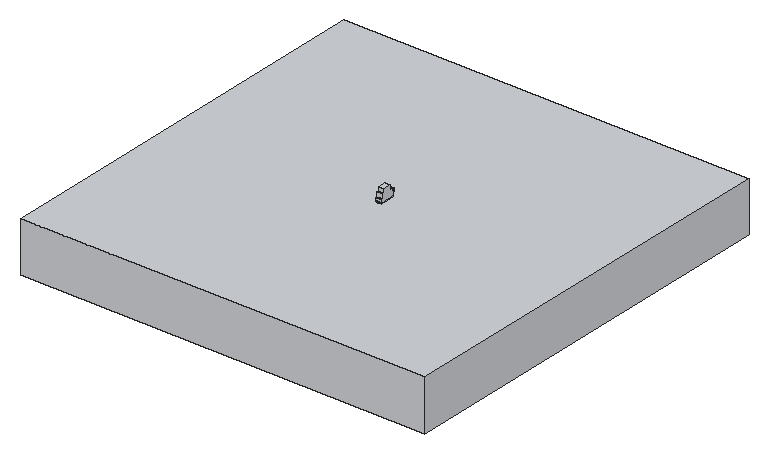
Revit family "Gira_201400", category Elektroinstallationen, Revit 2017
Family settings
  Basisbauteil = Fläche
  Beschriftungsausrichtung beibehalten = Nein
  Bemaßung runder Anschluss = Durchmesser verwenden
  Teiletyp = Normal
  Beim Laden mit Abzugskörper schneiden = Nein
  Gemeinsam genutzt = Nein
  Raumberechnungspunkt = Nein
Parameters (values of type "USB-Datenschnittst. REG KNX REG")
  Werkstoffgüte = "Thermoplast"
  Werkstoff Text = "Kunststoff"
  Default Elevation = 1219.2 mm
  Vor Ort-/Handbedienung = no
  URL = "https://www.gira.de/"
  Typname = "USB-Datenschnittst. REG KNX REG"
  Type Comments = ""
  Transparent = no
  Stromart = ""
  Schutzart (IP) = "IP20"
  Produktseite = "https://media.stage.bim.site/t/eyJhbGciOiJIUzI1NiIsInR5cCI6IkpXVCJ9.eyJjdCI6MiwidHUiOiJodHRwOi8va2F0YWxvZy5naXJhLmRlL2RlX0RFL2RhdGVuYmxhdHQuaHRtbD9hcnRpa2VsbnI9MjAxNDAwIiwiY2lkIjoiMzI3N2NjMjMtODFhOS00ZWUzLWE5MGEtYjQ3YmI0YzBiNjE2IiwicmlkIjoiOWJlZTUyMDFlZjJiOTZmOTI4YjEyNDIyOTMyOWMzZDQiLCJwaWQiOiIwNGYyM2E4NDIwNThkODE2NDBhMjJhM2Y4M2RjYTA2Mzg5ZTc0NDliIiwic2lkIjoiNjM0NzAiLCJ1dCI6MSwibGMiOiJkZSIsImlhdCI6MTYwMDk0MDA4OSwiaXNzIjoiaHR0cHM6Ly9hcGkubGl2ZS5iaW0uc2l0ZSIsInN1YiI6ImFkbWluQGJpbXNpdGUuZGV2In0.cvUBE7_Q0Bhut-Y75PmoD9G5UvrpWCIa8zJM_wn19jc"
  Oberfläche Text = "sonstige"
  Montageart = "REG"
  Model = ""
  Mit LED-Anzeige = no
  Mit Busankopplung = yes
  Mit Beschriftungsfeld = yes
  Max. Schaltleistung [Voltampere] = 0
  Max. Anzahl der Jalousieausgänge = 0
  Kosten = 0
  Installationstechnik = ""
  Hersteller = "Gira"
  HeinzeBIM = "https://www.heinze.de/bim/usb-datenschnittst-reg-knx-reg/04f23a842058d81640a22a3f83dca06389e7449b"
  HAN = "201400"
  GTIN = "4010337072928"
  Funktion Schalten = no
  Funktion = ""
  Funk bidirektional = no
  Farbe = "sonstige"
  Datenblatt 1 = "https://media.stage.bim.site/t/eyJhbGciOiJIUzI1NiIsInR5cCI6IkpXVCJ9.eyJjdCI6MSwidGYiOiJwdWJsaWMvZ2lyYS9hZThjNTU3LzIwMTQwMC50eHQiLCJjaWQiOiIzMjc3Y2MyMy04MWE5LTRlZTMtYTkwYS1iNDdiYjRjMGI2MTYiLCJyaWQiOiI5YmVlNTIwMWVmMmI5NmY5MjhiMTI0MjI5MzI5YzNkNCIsInBpZCI6IjA0ZjIzYTg0MjA1OGQ4MTY0MGEyMmEzZjgzZGNhMDYzODllNzQ0OWIiLCJzaWQiOiI2MzQ3MCIsInV0IjoxLCJsYyI6ImRlIiwiaWF0IjoxNjAwOTQwMDg5LCJpc3MiOiJodHRwczovL2FwaS5saXZlLmJpbS5zaXRlIiwic3ViIjoiYWRtaW5AYmltc2l0ZS5kZXYifQ.em-JLEurdX_pDKD-_EK20NjyYoWWp-4ufoGuXXmUjXA/201400.txt"
  Datenblatt = "https://media.stage.bim.site/t/eyJhbGciOiJIUzI1NiIsInR5cCI6IkpXVCJ9.eyJjdCI6MSwidHUiOiJodHRwczovL2thdGFsb2cuZ2lyYS5kZS9kZV9ERS9kb3dubG9hZC5odG1sP2FydGlrZWxucj0yMDE0MDAiLCJjaWQiOiIzMjc3Y2MyMy04MWE5LTRlZTMtYTkwYS1iNDdiYjRjMGI2MTYiLCJyaWQiOiI5YmVlNTIwMWVmMmI5NmY5MjhiMTI0MjI5MzI5YzNkNCIsInBpZCI6IjA0ZjIzYTg0MjA1OGQ4MTY0MGEyMmEzZjgzZGNhMDYzODllNzQ0OWIiLCJzaWQiOiI2MzQ3MCIsInV0IjoxLCJsYyI6ImRlIiwiaWF0IjoxNjAwOTQwMDg5LCJpc3MiOiJodHRwczovL2FwaS5saXZlLmJpbS5zaXRlIiwic3ViIjoiYWRtaW5AYmltc2l0ZS5kZXYifQ.iVxyGBdI_tFaCQWkW0DVWEwBB2tNmJke9IkNSPXUh14"
  Bussystem Powernet = no
  Bussystem LON = no
  Bussystem KNX-Funk = no
  Bussystem KNX = yes
  Bussystem Funkbus = no
  Breite in Teilungseinheiten = 2
  Beschreibung = "KNX USB-Datenschnittstelle  REG Merkmale:  Ankopplung von PC an KNX Anlagen.  Adressierung, Programmierung und Diagnose von KNX Geräten.  Kompatibel zu KNX Data-Secure-Produkten.  Schneller Download der Applikationen (Long Frame Unterstützung ab ETS5).  Kompatibel zu ETS4, ETS5 (und höher).  Hinweise :  Kompatibel zum Gira HomeServer ab Version 4.9.  Montage auf DIN-Hutschiene."
  Assembly Code = ""
  Keynote = ""
  BIMSITE_PRODUCT_ID = "04f23a842058d81640a22a3f83dca06389e7449b"
  BIM = "https://media.stage.bim.site/t/eyJhbGciOiJIUzI1NiIsInR5cCI6IkpXVCJ9.eyJjdCI6MSwidGYiOiJwdWJsaWMvZ2lyYS9hZThjNTU3L0dpcmEgWDEgUkVHIEtOWC5yZmEiLCJjaWQiOiIzMjc3Y2MyMy04MWE5LTRlZTMtYTkwYS1iNDdiYjRjMGI2MTYiLCJyaWQiOiI5YmVlNTIwMWVmMmI5NmY5MjhiMTI0MjI5MzI5YzNkNCIsInBpZCI6IjA0ZjIzYTg0MjA1OGQ4MTY0MGEyMmEzZjgzZGNhMDYzODllNzQ0OWIiLCJzaWQiOiI2MzQ3MCIsInV0Ijo1LCJsYyI6ImRlIiwiaWF0IjoxNjAwOTQwMDg5LCJpc3MiOiJodHRwczovL2FwaS5saXZlLmJpbS5zaXRlIiwic3ViIjoiYWRtaW5AYmltc2l0ZS5kZXYifQ.xgFnKopUNgWUl84sM7Q1Wk43KG0L90FOfG8KPPLxbIk/Gira X1 REG KNX.rfa"
  Ausführung der Oberfläche = "nicht zutreffend"
  Ausführung Text = "USB"
  Anzahl der Eingänge = 0
  Andere Bussysteme = "ohne"
Reference planes
  plane 1 "Center (Front/Back)": y = 0
  plane 2: z = 0
  plane 3 "Center (Left/Right)": x = 0
Forms (mm)
  Extrusion 1, solid
    sketch origin (0, 0, 0) x (1, 0, 0) y (0, 1, 0)
      loop
        line (-1219.2, 1219.2) -> (-1219.2, -1219.2) -> (1219.2, -1219.2) -> (1219.2, 1219.2) -> (-1219.2, 1219.2)
    from 0 to -304.8
  Extrusion 2, solid, detail levels fine
    sketch origin (0, -0.2, 0) x (0, 1, 0) y (0, 0, 1)
      loop
        line (22.65, 43.82) -> (22.65, 68.77) -> (-22.25, 68.77) -> (-22.25, 43.82) -> (-30.4, 43.82) -> (-30.4, 19.42) -> (-44.8, 19.42) -> (-44.8, 1.97) -> (45.192, 1.97) -> (45.192, 28.47) -> (32.925, 28.47) -> (32.831, 39.259) -> (31.225, 41.242) -> (31.225, 43.82) -> (22.65, 43.82)
    from -17.95 to 17.95
  Extrusion 3, solid, detail levels fine
    sketch origin (0, -0.2, 0) x (0, 1, 0) y (0, 0, 1)
      loop
        line (45.192, 43.82) -> (31.225, 43.82) -> (31.225, 41.242) -> (32.831, 39.259) -> (32.925, 28.47) -> (45.192, 28.47) -> (45.192, 43.82)
    from -17.95 to -15.8
  Extrusion 4, solid, detail levels fine
    sketch origin (0, -0.2, 0) x (0, 1, 0) y (0, 0, -1)
      loop
        line (45.192, -43.82) -> (45.192, -28.47) -> (32.925, -28.47) -> (32.831, -39.259) -> (31.225, -41.242) -> (31.225, -43.82) -> (45.192, -43.82)
    from -17.95 to -15.8
  Extrusion 5, solid, detail levels fine
    sketch origin (0, -0.2, 0) x (0, 1, 0) y (0, 0, 1)
      loop
        line (31.5, 42.848) -> (31.5, 40.412)
        arc (31.5, 40.412) -> (38.359, 39.512) -> (45.192, 38.435) r 267
        line (45.192, 38.435) -> (45.192, 14.255)
        arc (45.192, 14.255) -> (50.205, 15.189) -> (55.2, 16.219) r 264.9
        line (55.2, 16.219) -> (55.2, 38.933)
        arc (55.2, 38.933) -> (43.394, 41.159) -> (31.5, 42.848) r 265
    from -15.506 to 15.5
  Extrusion 6, solid, detail levels fine
    sketch origin (0, -0.2, 0) x (0, 1, 0) y (0, 0, 1)
      loop
        line (45.2, 1.5) -> (17.774, 1.5) -> (17.905, -6.017)
        arc (17.905, -6.017) -> (20.285, -6.454) -> (22.7, -6.6) r 20
        arc (22.7, -6.6) -> (33.985, -5.009) -> (45.128, -2.618) r 160
        line (45.128, -2.618) -> (45.2, 1.5)
    from -17.95 to 18
  Extrusion 7, solid, detail levels fine
    sketch origin (0, -0.2, 0) x (0, 1, 0) y (0, 0, 1)
      loop
        line (17.905, -6.017) -> (17.824, -1.4) -> (16.8, -1.4) -> (14.749, -4.952)
        arc (14.749, -4.952) -> (16.305, -5.55) -> (17.905, -6.017) r 20
    from -17.95 to -13
  Extrusion 8, solid, detail levels fine
    sketch origin (0, -0.2, 0) x (0, 1, 0) y (0, 0, -1)
      loop
        arc (17.905, 6.017) -> (16.305, 5.55) -> (14.749, 4.952) r 20
        line (14.749, 4.952) -> (16.8, 1.4) -> (17.824, 1.4) -> (17.905, 6.017)
    from -17.95 to -13
  Extrusion 9, solid, detail levels fine
    sketch origin (0, -0.2, 0) x (0, 1, 0) y (0, 0, 1)
      loop
        line (17.8, 0) -> (17.774, 1.5) -> (-44.8, 1.5) -> (-44.774, 0) -> (17.8, 0)
    from -17.95 to 17.95
  Extrusion 10, solid, detail levels fine
    sketch origin (0, 0, 0) x (0, 1, 0) y (0, 0, 1)
      loop
        line (-48.916, -3.317) -> (-44.906, -3.881) -> (-44.974, 0) -> (-48.916, 0) -> (-48.916, -3.317)
    from -4.803 to 4.797
  Extrusion 11, solid, detail levels fine
    sketch origin (0, 0, 0) x (0, 1, 0) y (0, 0, 1)
      loop
        arc (-22.5, -6.6) -> (-20.811, -6.529) -> (-19.134, -6.315) r 20
        line (-19.134, -6.315) -> (-18.029, -3.279) -> (-18, 0) -> (-44.974, 0) -> (-44.928, -2.618)
        arc (-44.928, -2.618) -> (-33.785, -5.009) -> (-22.5, -6.6) r 160
    from -17.95 to -10.5
  Extrusion 12, solid, detail levels fine
    sketch origin (0, 0, 0) x (0, 1, 0) y (0, 0, -1)
      loop
        arc (-22.5, 6.6) -> (-33.785, 5.009) -> (-44.928, 2.618) r 160
        line (-44.928, 2.618) -> (-44.974, 0) -> (-18, 0) -> (-18.029, 3.279) -> (-19.134, 6.315)
        arc (-19.134, 6.315) -> (-20.811, 6.529) -> (-22.5, 6.6) r 20
    from -17.95 to -10.5
  Extrusion 13, solid, detail levels fine
    sketch origin (0, 0, 0) x (0, 1, 0) y (0, 0, 1)
      loop
        line (-30.708, -6.6) -> (-30.65, 0) -> (-44.974, 0) -> (-44.859, -6.6) -> (-30.708, -6.6)
    from -10.5 to 10.5
  Extrusion 14, solid, detail levels fine
    sketch origin (0, 0, 0) x (1, 0, 0) y (0, 1, 0)
      loop
        circle (-0.003, -20.023) r 1
    from -7.682 to 0
  Extrusion 15, solid, detail levels fine
    sketch origin (0, 0, 0) x (0, 1, 0) y (0, 0, 1)
      loop
        line (-17.523, -0.8) -> (-17.523, 0) -> (-30.65, 0) -> (-30.684, -3.9) -> (-27.106, -3.9) -> (-27.106, -5.6) -> (-19.623, -6.6) -> (-18.03, -6.6) -> (-15.023, -2.682) -> (-15.023, -1.517) -> (-17.523, -0.8)
    from -4.503 to 4.5
  Extrusion 16, solid, detail levels fine
    sketch origin (0, 0, 0) x (1, 0, 0) y (0, 1, 0)
      loop
        line (16.859, 43.848) -> (-16.859, 43.848) -> (-16.859, -43.859) -> (16.859, -43.859) -> (16.859, 43.848)
    from 1.5 to 4
  Extrusion 17, solid, detail levels medium
    sketch origin (0, 0, 0) x (0, 1, 0) y (0, 0, 1)
      loop
        line (22.45, 68.77) -> (-22.45, 68.77) -> (-22.45, 43.82) -> (-30.6, 43.82) -> (-30.6, 19.42) -> (-45, 19.42) -> (-45, 0) -> (-48.916, 0) -> (-48.916, -6.6) -> (-15.023, -6.6) -> (-15.023, 0) -> (14.549, 0) -> (14.549, -6.6) -> (44.992, -6.6) -> (44.992, 14.255)
        arc (44.992, 14.255) -> (50.005, 15.189) -> (55, 16.219) r 264.9
        line (55, 16.219) -> (55, 38.933)
        arc (55, 38.933) -> (50.005, 39.943) -> (44.992, 40.856) r 265
        line (44.992, 40.856) -> (44.992, 43.82) -> (22.45, 43.82) -> (22.45, 68.77)
    from -17.95 to 17.95
  Extrusion 18, solid, detail levels coarse
    sketch origin (0, 0, 0) x (1, 0, 0) y (0, 1, 0)
      loop
        line (-17.95, 55) -> (-17.95, -48.916) -> (17.95, -48.916) -> (17.95, 55) -> (-17.95, 55)
    from -7.682 to 68.77
Dimensions and locks
  aligned and locked: plane 2 to Extrusion 1
  aligned and locked: level to Extrusion 1
Connectors
  electrical at (0, -13.687, 0)
    settings: on Extrusion 9, index 1, voltage 24 V, apparent load 0 VA, apparent load phase1 0 VA, apparent load phase2 0 VA, apparent load phase3 0 VA, power factor 1, load classification "Other", number of poles 1, system type 30, power factor state 1, is connector primary yes, connector utility no, sub classification motor no, connector description ""
